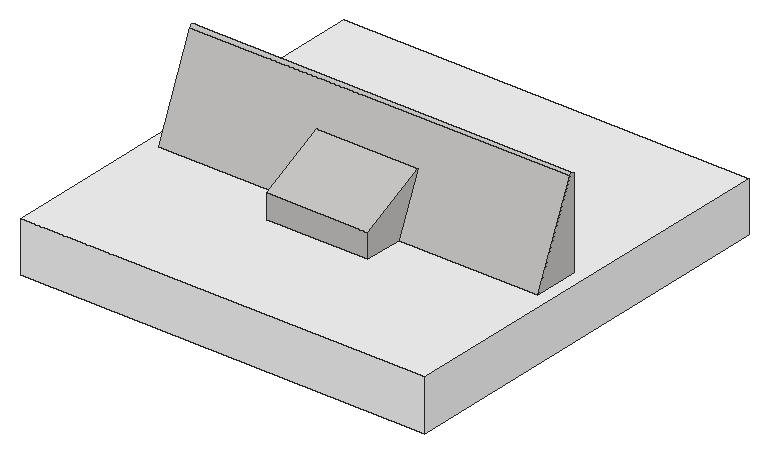
Revit family "WSW390", category Plumbing Fixtures, host Face, Revit 2022
Family settings
  Host = Face
  Round Connector Dimension = Use Diameter
  Part Type = Normal
  OmniClass Number = 23.45.05.14.14
  OmniClass Title = Sinks/Lavatories
  Cut with Voids When Loaded = No
  Maintain Annotation Orientation = No
  Shared = Yes
  Room Calculation Point = No
Parameters (values of type "WSW390-TC1")
  Width = 21 5/8"  # constant formula
  Waste Connection Radius = 3/4"
  Waste Connection Diameter = Waste Connection Radius * 2  # 1 1/2"
  Waste Connection = yes
  WFU = 4  # constant formula
  Vent Connection = no
  URL = "https://acorneng.com/home"
  Type Comments = "WEDGE™ Stainless Steel Trough Sink"  # constant formula
  Sink Inner Width = 15 3/4"  # constant formula
  Sink Inner Length = 87 7/8"  # constant formula
  SW000 - PTC Daisy Strainer, Tailpiece, 1-1/2” P-Trap, Chrome = no
  SW000 - PT Daisy Strainer, Tailpiece, 1-1/2” P-Trap, Plastic = no
  SW000 - F70 S/T Pushbutton Metering Faucet, Plate = no
  SW000 - F60 S/T Sensor Operated Faucet,J Spout, Plate = yes
  SW000 - F51 H&C Wristblade Faucet, Spout = no
  SW000 - F50 H&C Wristblade Faucet, Gooseneck Spout = no
  Product Page URL = "https://www.acorneng.com/product.aspx?ProductId=3664"
  Product Documentation Link = "https://www.acorneng.com/uploads/fileLibrary/WSW000.pdf"
  Price = "Prices may vary. Please consult Manufacturer Representative for most up-to-date price list."  # constant formula
  PS1000 - PS Pump Soap Dispenser, Specify number = no
  Model = "WSW390"  # constant formula
  Manufacturer = "Acorn Engineering"  # constant formula
  Length = 90"  # constant formula
  Installation Type = "Wall Mounted"  # constant formula
  IAPMO Compliance = "Fixture complies with ANSI, UFAS, CBC and ADA 2010 requirements for accessibility."  # constant formula
  Hot Water Connection Radius = 21/32"  # constant formula
  Hot Water Connection Diameter = Hot Water Connection Radius * 2  # 1 5/16"
  Height = 19 3/4"  # constant formula
  HWFU = 3  # constant formula
  HW Connection = yes
  Flow Rate = "0.5 GPM (1.9 LPM) for faucet type"
  EG - Enviro-Glaze, Specify Color = no
  Diameter For Soap Knockout = 1 5/16"  # constant formula
  Description = "Neo-Metro® by Acorn® provides this durable, stainless steel trough sink. It is available in sizes to accommodate from one to four users. The design is perfect for high-traffic restrooms, incorporating ample personal space while reducing wet, slippery floors.\r\n\r\nThe WSW000 Series hand washing station is wall mounted and features a unique “wedge”-shaped trough (patent pending) with a polished stainless steel finish and rounded corners.\r\n\r\nOptional trap enclosures are available to conceal hot and cold mixing valves and supply/waste connections while providing easy maintenance access. The enclosure is fabricated of 16 gauge, type 304 stainless steel with a satin finish. It is available in 24\" (610 mm) or 54\" (1,372 mm) widths.\r\n\r\nWhen mounted at 34\" (864 mm) from the finished floor, the fixture will comply with ANSI, UFAS, CBC, OBC, and ADA requirements. Compliance is subject to the interpretation and requirements of the local code authority."
  Default Elevation = 34"
  DSW000-TC1Accessory: Single 24" Wide Trap Enclosure = yes
  Creation Date = "02/12/2021"  # constant formula
  Cold Water Connection Radius = 21/32"  # constant formula
  Cold Water Connection Diameter = Cold Water Connection Radius * 2  # 1 5/16"
  CWFU = 3  # constant formula
  CW Connection = yes
  Bowl Shape = "Trough"  # constant formula
  Body Material = Metal-Acorn-304-Stainless_Steel-16-Gauge
  Trap Enclosure Width = 24"  # constant formula
  Assembly Code = "D2010440"
  ADA Compliant = yes
Reference planes (in)
  plane 1 "Center (Front/Back)": y = 0
  plane 2: z = 0
  plane 3 "Center (Left/Right)": x = 0
  plane 4: x = 45
  plane 5: x = -45
  plane 6: z = 21.625
  plane 7: x = -43.9375
  plane 8: x = 43.9375
  plane 9: z = 20.0625
  plane 10: z = 4.3125
  plane 11: y = -2.5
  plane 12: y = 1
  plane 13: y = -34
  plane 14: y = -19.75
  plane 15: x = 12
  plane 16: x = -12
  plane 17: z = 6.1875
  plane 18: y = -3.5
  plane 19: z = 2.4375
  plane 20: z = 2.3125
  plane 21: y = 0.1
  plane 22: y = 2
  plane 23: y = -13
  plane 24: y = -8.75
  plane 25: y = -10
  plane 26: x = -9.25
  plane 27: x = -4.25
  plane 28: x = 9
  plane 29: x = 31.9375
  plane 30: x = -30
  plane 31: x = -25
  plane 32: x = -31.9375
  plane 33: x = 43.9375
  plane 34: x = -2
  plane 35: x = 2
  plane 36: x = 5
  plane 37: x = -30
  plane 38: x = -28.0625
  plane 39: x = 30
  plane 40: x = 28.0625
  plane 41: x = 35
Forms (in)
  Extrusion 1, solid, material "White"
    sketch origin (0, 0, 0) x (1, 0, 0) y (0, 1, 0)
      loop
        line (-48, 48) -> (-48, -48) -> (48, -48) -> (48, 48) -> (-48, 48)
    from 0 to -12
  Extrusion 2, solid, material "Metal-Acorn-304-Stainless_Steel-16-Gauge" <- "Body Material"
    sketch origin (15, 27.86079, 0) x (0, -1, 0) y (0, 0, -1)
      loop
        line (27.86079, 0) -> (27.86079, -20.91664)
        arc (27.86079, -20.91664) -> (28.42065, -21.608) -> (29.2133, -21.20413) r 0.7068
        line (29.2133, -21.20413) -> (38.65398, 0) -> (27.86079, 0)
    from -60 to 30
  Extrusion 3, solid, material "Metal-Acorn-304-Stainless_Steel-16-Gauge" <- "Body Material", visible <- "DSW000-TC1Accessory: Single 24" Wide Trap Enclosure"
    sketch origin (45, 27.86079, 0) x (0, -1, 0) y (0, 0, -1)
      loop
        line (47.61079, 0) -> (38.65398, 0) -> (32.92268, -12.87271) -> (47.61079, -5.61198) -> (47.61079, 0)
    from -57 to -33
  Extrusion 4, void
    sketch origin (15, -2.5, 0) x (0, 0, -1) y (1, 0, 0)
      loop
        circle (-6.1875, -15) r 0.75
    from -3.5 to 1
  Extrusion 5, solid
    sketch origin (0, 0, 0) x (1, 0, 0) y (0, 1, 0)
      loop
        circle (0, -8.75) r 0.75
    from 0 to 0.1
  Extrusion 6, solid
    sketch origin (0, 0, 0) x (1, 0, 0) y (0, 1, 0)
      loop
        circle (-4.25, -13) r 0.65625
    from 0 to 0.1
  Extrusion 7, solid
    sketch origin (-13.5, 0, 0) x (-1, 0, 0) y (0, -1, 0)
      loop
        circle (-4.25, 13) r 0.65625
    from 0 to 0.1
  Extrusion 8, void
    sketch origin (-28.0625, 0, 0) x (0, 0, -1) y (1, 0, 0)
      loop
        circle (-2.4375, -3.875) r 0.65625
    from -1 to 2.5
  Extrusion 9, void
    sketch origin (1.9375, 0, 0) x (0, 0, -1) y (1, 0, 0)
      loop
        circle (-2.4375, -30) r 0.65625
    from -1 to 2.5
  Extrusion 10, solid, material "Metal-Acorn-304-Stainless_Steel-16-Gauge"
    sketch origin (-16.25666, 0, 0) x (0, 0, 1) y (1, 0, 0)
      loop
        circle (2.3125, -8.74334) r 0.65625
    from 0 to 0.1
  Extrusion 11, solid, material "Metal-Acorn-304-Stainless_Steel-16-Gauge"
    sketch origin (13.24334, 0, 0) x (0, 0, 1) y (1, 0, 0)
      loop
        circle (2.3125, -8.24334) r 0.65625
    from 0 to 0.1
  Extrusion 12, void
    sketch origin (31.4375, 0, 0) x (0, 0, -1) y (1, 0, 0)
      loop
        circle (-2.4375, -29.4375) r 0.65625
    from -1 to 2.5
  Extrusion 13, void
    sketch origin (-31.4375, 0, 0) x (0, 0, -1) y (1, 0, 0)
      loop
        circle (-2.4375, 29.4375) r 0.65625
    from -1 to 2.5
  Extrusion 14, void
    sketch origin (-45, 27.86079, 0) x (0, -1, 0) y (0, 0, -1)
      loop
        line (26.86079, -4.3125) -> (26.86079, -20.0625) -> (28.55198, -20.0625) -> (29.76775, -8.49524) -> (30.36079, -8.49524) -> (30.36079, -4.3125) -> (26.86079, -4.3125)
    from 1.0625 to 88.9375
  Extrusion 15, void
    sketch origin (29.4375, 0, 0) x (0, 0, -1) y (1, 0, 0)
      loop
        circle (-2.4375, -29.4375) r 0.65625
    from -1 to 2.5
  Extrusion 16, void
    sketch origin (-0.0625, 0, 0) x (0, 0, -1) y (1, 0, 0)
      loop
        circle (-2.4375, -29.9375) r 0.65625
    from -1 to 2.5
  Extrusion 17, void
    sketch origin (28.0625, 0, 0) x (0, 0, -1) y (1, 0, 0)
      loop
        circle (-2.4375, 3.875) r 0.65625
    from -1 to 2.5
  Extrusion 18, void
    sketch origin (-1.9375, 0, 0) x (0, 0, -1) y (1, 0, 0)
      loop
        circle (-2.4375, 30) r 0.65625
    from -1 to 2.5
  Extrusion 19, void
    sketch origin (0.0625, 0, 0) x (0, 0, -1) y (1, 0, 0)
      loop
        circle (-2.4375, 29.9375) r 0.65625
    from -1 to 2.5
  Extrusion 20, solid, material "Metal-Acorn-304-Stainless_Steel-16-Gauge"
    sketch origin (43.74334, 0, 0) x (0, 0, 1) y (1, 0, 0)
      loop
        circle (2.3125, -8.74334) r 0.65625
    from 0 to 0.1
Cuts and joins
  Extrusion 4, Extrusion 8, Extrusion 9, Extrusion 12, Extrusion 13, Extrusion 14, Extrusion 15, Extrusion 16, Extrusion 17, Extrusion 18, Extrusion 19 cuts Extrusion 2
  Extrusion 4 cuts Extrusion 3
Lines and regions (in)
  Masking region 1
    outline origin (15, 0, 0) x (0, 0, 1) y (1, 0, 0)
      loop
        line (21.625, 30) -> (0, 30) -> (0, -60) -> (21.625, -60) -> (21.625, 30)
  symbolic lines, detail levels medium+fine
    curve 1: line (43.9375, 0, 20.0625) -> (43.9375, 0, 4.3125)
    curve 2: line (-43.9375, 0, 20.0625) -> (43.9375, 0, 20.0625)
    curve 3: line (-43.9375, 0, 4.3125) -> (-43.9375, 0, 20.0625)
    curve 4: line (43.9375, 0, 4.3125) -> (-43.9375, 0, 4.3125)
    curve 5: circle (0, 0, 6.1875) r 0.75 normal (0, -1, 0)
    curve 6: circle (2, 0, 2.4375) r 0.65625 normal (0, -1, 0)
    curve 7: circle (-2, 0, 2.4375) r 0.65625 normal (0, -1, 0)
    curve 10: circle (0, 0, 2.4375) r 0.65625 normal (0, -1, 0)
  symbolic lines, detail levels fine
    curve 8: circle (5, 0, 2.3125) r 0.65625 normal (0, 1, 0)
    curve 9: line (-43.9375, 0, 8.49524) -> (43.9375, 0, 8.49524)
    curve 11: circle (35, 0, 2.3125) r 0.65625 normal (0, 1, 0)
    curve 12: circle (31.9375, 0, 2.4375) r 0.65625 normal (0, -1, 0)
    curve 13: circle (30, 0, 2.4375) r 0.65625 normal (0, -1, 0)
    curve 14: circle (28.0625, 0, 2.4375) r 0.65625 normal (0, -1, 0)
    curve 15: circle (-25, 0, 2.3125) r 0.65625 normal (0, 1, 0)
    curve 16: circle (-28.0625, 0, 2.4375) r 0.65625 normal (0, -1, 0)
    curve 17: circle (-30, 0, 2.4375) r 0.65625 normal (0, -1, 0)
    curve 18: circle (-31.9375, 0, 2.4375) r 0.65625 normal (0, -1, 0)
Dimensions and locks (in)
  equal spacing: plane 5, plane 3 "Center (Left/Right)", plane 4
  "Length": plane 5 to plane 4
  "Width": level to plane 6
  plane 6 to plane 2 = 21 5/8"
  equal spacing: plane 7, plane 3 "Center (Left/Right)", plane 8
  "Sink Inner Length": plane 7 to plane 8
  "Sink Inner Width": plane 10 to plane 9
  locked: plane 11 to plane 1 "Center (Front/Back)" at 2.5
  locked: plane 1 "Center (Front/Back)" to plane 12 at 1
  locked: plane 9 to plane 6 at 1.5625
  "Default Elevation": plane 13 to plane 1 "Center (Front/Back)"
  "Height": plane 14 to plane 1 "Center (Front/Back)"
  equal spacing: plane 16, plane 3 "Center (Left/Right)", plane 15
  "Trap Enclosure Width": plane 16 to plane 15
  locked: plane 18 to plane 11 at 1
  locked: plane 19 to plane 10 at 1.875
  locked: plane 20 to plane 10 at 2
  cut or joined group 1 (Extrusion 2, Extrusion 4, Extrusion 8, Extrusion 9, Extrusion 12, Extrusion 13, Extrusion 14, Extrusion 15, Extrusion 16, Extrusion 17, Extrusion 18, Extrusion 19) to plane 21 to plane 12 = 0.1" locked, 0.9"
  plane 1 "Center (Front/Back)" to plane 22 = 2"
  plane 24 to plane 13 = 25 1/4"
  plane 23 to plane 13 = 21"
  plane 25 to plane 13 = 24"
  plane 26 to plane 3 "Center (Left/Right)" = 9 1/4"
  plane 26 to plane 27 = 5"
  plane 3 "Center (Left/Right)" to plane 28 = 9"
  plane 29 to plane 33 = 12"
  plane 7 to plane 32 = 12"
  equal spacing: plane 35, plane 3 "Center (Left/Right)", plane 34, locked at 2 each
  plane 5 to plane 37 = 15"
  plane 3 "Center (Left/Right)" to plane 37 = 30"  (x2)
  plane 19 to cut or joined group 1 = 1 7/8"
  plane 20 to cut or joined group 1 = 2"
  plane 39 to plane 3 "Center (Left/Right)" = 30"
  plane 39 to plane 4 = 15"
  equal spacing: plane 39, plane 3 "Center (Left/Right)", plane 37
  locked: plane 41 to plane 39 at 5
  locked: plane 37 to plane 31 at 5
  locked: plane 36 to plane 3 "Center (Left/Right)" at 5
  cut or joined group 1 to plane 37 = 15"
  "Waste Connection Radius": radius of Extrusion 4 sketch curve
  "Waste Connection Radius": radius of Extrusion 5 sketch curve
  "Cold Water Connection Radius": radius of Extrusion 6 sketch curve
  "Cold Water Connection Radius": radius of Extrusion 7 sketch curve
  "Cold Water Connection Radius": radius of Extrusion 8 sketch curve
  "Hot Water Connection Radius": radius of Extrusion 9 sketch curve
  "Diameter For Soap Knockout": diameter of Extrusion 10 sketch curve
  "Diameter For Soap Knockout": diameter of Extrusion 11 sketch curve
  "Hot Water Connection Radius": radius of Extrusion 12 sketch curve
  "Hot Water Connection Radius": radius of Extrusion 13 sketch curve
  "Hot Water Connection Radius": radius of Extrusion 15 sketch curve
  "Hot Water Connection Radius": radius of Extrusion 16 sketch curve
  "Cold Water Connection Radius": radius of Extrusion 17 sketch curve
  "Hot Water Connection Radius": radius of Extrusion 18 sketch curve
  "Hot Water Connection Radius": radius of Extrusion 19 sketch curve
  "Diameter For Soap Knockout": diameter of Extrusion 20 sketch curve
  radius of curve 16 = 21/32"
  aligned and locked: plane 2 to Extrusion 1
  aligned and locked: level to Extrusion 1
  aligned and locked: plane 5 to Extrusion 2
  aligned and locked: Extrusion 2 to plane 4
  aligned and locked: Extrusion 1 to Extrusion 3 sketch curve
  aligned and locked: plane 14 to Extrusion 3 sketch curve
  aligned and locked: plane 16 to Extrusion 3
  aligned and locked: Extrusion 3 to plane 15
  aligned and locked: plane 17 to Extrusion 4 sketch curve
  aligned and locked: plane 3 "Center (Left/Right)" to Extrusion 4 sketch curve
  aligned and locked: Extrusion 4 to plane 18
  aligned and locked: plane 3 "Center (Left/Right)" to Extrusion 5 sketch curve
  aligned and locked: plane 24 to Extrusion 5 sketch curve
  aligned and locked: plane 27 to Extrusion 6 sketch curve
  aligned and locked: plane 23 to Extrusion 6 sketch curve
  aligned and locked: plane 26 to Extrusion 7 sketch curve
  aligned and locked: plane 23 to Extrusion 7 sketch curve
  aligned and locked: Extrusion 7 to Extrusion 6
  aligned and locked: Extrusion 5 to Extrusion 6
  aligned and locked: plane 19 to Extrusion 9 sketch curve
  aligned and locked: plane 19 to Extrusion 8 sketch curve
  aligned and locked: plane 31 to Extrusion 10 sketch curve
  aligned and locked: plane 20 to Extrusion 10 sketch curve
  aligned and locked: plane 36 to Extrusion 11 sketch curve
  aligned and locked: plane 20 to Extrusion 11 sketch curve
  aligned and locked: plane 35 to Extrusion 12 sketch curve
  aligned and locked: plane 19 to Extrusion 12 sketch curve
  aligned and locked: plane 34 to Extrusion 13 sketch curve
  aligned and locked: plane 19 to Extrusion 13 sketch curve
  aligned and locked: Masking region 1 sketch curve to cut or joined group 1  (x3)
  aligned and locked: curve 5 to cut or joined group 1
  aligned and locked: curve 6 to cut or joined group 1
  aligned and locked: curve 7 to cut or joined group 1
  aligned and locked: curve 8 to Extrusion 11
  aligned and locked: Extrusion 14 sketch curve to plane 10
  aligned and locked: Extrusion 14 sketch curve to plane 11
  aligned and locked: plane 9 to Extrusion 14 sketch curve
  aligned and locked: Extrusion 14 sketch curve to plane 12
  aligned and locked: Extrusion 3 sketch curve to cut or joined group 1
  aligned and locked: Extrusion 14 to plane 8
  aligned and locked: plane 7 to Extrusion 14
  aligned and locked: curve 9 to cut or joined group 1
  aligned and locked: plane 3 "Center (Left/Right)" to Extrusion 15 sketch curve
  aligned and locked: plane 19 to Extrusion 15 sketch curve
  aligned and locked: plane 19 to Extrusion 16 sketch curve
  aligned and locked: plane 38 to Extrusion 9 sketch curve
  aligned and locked: plane 37 to Extrusion 16 sketch curve
  aligned and locked: plane 32 to Extrusion 8 sketch curve
  aligned and locked: Extrusion 18 sketch curve to plane 40
  aligned and locked: plane 29 to Extrusion 17 sketch curve
  aligned and locked: plane 19 to Extrusion 17 sketch curve
  aligned and locked: plane 39 to Extrusion 19 sketch curve
  aligned and locked: plane 19 to Extrusion 19 sketch curve
  aligned and locked: plane 19 to Extrusion 18 sketch curve
  aligned and locked: plane 41 to Extrusion 20 sketch curve
  aligned and locked: curve 11 to Extrusion 20
  aligned and locked: curve 12 to cut or joined group 1
  aligned and locked: curve 13 to cut or joined group 1
  aligned and locked: curve 14 to cut or joined group 1
  aligned and locked: curve 15 to Extrusion 10
  aligned and locked: curve 16 to cut or joined group 1
  aligned and locked: curve 17 to cut or joined group 1
  aligned and locked: curve 18 to cut or joined group 1
Automatic sketch dimensions
  Extrusion 1 sketch curve to Extrusion 1 sketch curve = 96"  (x2)
  Extrusion 2 sketch curve to plane 1 "Center (Front/Back)" = 0"
  Extrusion 2 sketch curve to level = 0"
  plane 1 "Center (Front/Back)" to Extrusion 2 sketch curve = 0.7068"
  Extrusion 2 sketch curve to plane 6 = 0.42087"
  Extrusion 2 sketch curve to Extrusion 2 sketch curve = 0.6457"
  Extrusion 2 sketch curve to plane 25 = 0.79319"
  Extrusion 2 to Masking region 1 sketch curve = 0.70836"
  Extrusion 2 to Extrusion 14 sketch curve = 0.69119"
  Extrusion 14 sketch curve to Extrusion 14 sketch curve = 0.59304"
  Extrusion 14 sketch curve to Extrusion 14 sketch curve = 4.18274"
  curve 10 to curve 6 = 0"
  curve 3 to Masking region 1 = 1 1/16"
  curve 3 to curve 9 = 4.18274"
  curve 2 to Masking region 1 = 1 9/16"
  curve 10 to curve 6 = 2"
  curve 4 to Masking region 1 = 1 1/16"
  Extrusion 3 sketch curve to Extrusion 2 = 5.06189"
  Extrusion 3 sketch curve to Extrusion 3 sketch curve = 5.61198"
  Extrusion 2 to Extrusion 20 sketch curve = 2 5/16"
  radius of curve 10 = 21/32"
Connectors (in)
  piping at (2, 0, 2.4375), diameter 1.3125, driven by "Cold Water Connection Diameter", driven by "CWFU"
    settings: on cut or joined group 1, index 8, connector inside diameter 24", connector length 0", flow factor 0, pipe flow 0 GPM, pressure drop 0.00 psi, fitting loss kfactor 0, connector angle 0.00°, fixture units 3, engagement length 0", angle of deflection 0.00°, flow configuration 3, flow direction 1, fitting loss method 0, system type 20, joint type 0, gender type 0, connector reference index -1, connector utility 0, adjustable connector no, is connector primary yes, connector description "1 1/2\" NPT, CW Inlet Connection 3"
  piping at (-2, 0, 2.4375), diameter 1.3125, driven by "Hot Water Connection Diameter", driven by "HWFU"
    settings: on cut or joined group 1, index 9, connector inside diameter 24", connector length 0", flow factor 0, pipe flow 0 GPM, pressure drop 0.00 psi, fitting loss kfactor 0, connector angle 0.00°, fixture units 3, engagement length 0", angle of deflection 0.00°, flow configuration 3, flow direction 1, fitting loss method 0, system type 19, joint type 0, gender type 0, connector reference index -1, connector utility 0, adjustable connector no, is connector primary no, connector description "1 1/2\" NPT, HW Inlet Connection 3"
  piping at (0, -2.5, 6.1875), diameter 1.5, driven by "WFU", driven by "Waste Connection Diameter"
    settings: on cut or joined group 1, index 10, connector inside diameter 24", connector length 0", flow factor 0, pipe flow 0 GPM, pressure drop 0.00 psi, fitting loss kfactor 0, connector angle 0.00°, fixture units 4, engagement length 0", angle of deflection 0.00°, flow configuration 3, flow direction 2, fitting loss method 0, system type 16, joint type 0, gender type 0, connector reference index -1, connector utility 0, adjustable connector no, is connector primary no, connector description "1 1/2\" Waste Outlet Connection"
  piping at (-28.0625, 0, 2.4375), diameter 1.3125, driven by "Cold Water Connection Diameter", driven by "CWFU"
    settings: on cut or joined group 1, index 11, connector inside diameter 24", connector length 0", flow factor 0, pipe flow 0 GPM, pressure drop 0.00 psi, fitting loss kfactor 0, connector angle 0.00°, fixture units 3, engagement length 0", angle of deflection 0.00°, flow configuration 3, flow direction 1, fitting loss method 0, system type 20, joint type 0, gender type 0, connector reference index -1, connector utility 0, adjustable connector no, is connector primary no, connector description "1 1/2\" NPT, CW Inlet Connection 2"
  piping at (-31.9375, 0, 2.4375), diameter 1.3125, driven by "Hot Water Connection Diameter", driven by "HWFU"
    settings: on cut or joined group 1, index 12, connector inside diameter 24", connector length 0", flow factor 0, pipe flow 0 GPM, pressure drop 0.00 psi, fitting loss kfactor 0, connector angle 0.00°, fixture units 3, engagement length 0", angle of deflection 0.00°, flow configuration 3, flow direction 1, fitting loss method 0, system type 19, joint type 0, gender type 0, connector reference index -1, connector utility 0, adjustable connector no, is connector primary no, connector description "1 1/2\" NPT, HW Inlet Connection 2"
  piping at (31.9375, 0, 2.4375), diameter 1.3125, driven by "Cold Water Connection Diameter", driven by "CWFU"
    settings: on cut or joined group 1, index 13, connector inside diameter 24", connector length 0", flow factor 0, pipe flow 0 GPM, pressure drop 0.00 psi, fitting loss kfactor 0, connector angle 0.00°, fixture units 3, engagement length 0", angle of deflection 0.00°, flow configuration 3, flow direction 1, fitting loss method 0, system type 20, joint type 0, gender type 0, connector reference index -1, connector utility 0, adjustable connector no, is connector primary no, connector description "1 1/2\" NPT, CW Inlet Connection 1"
  piping at (28.0625, 0, 2.4375), diameter 1.3125, driven by "Hot Water Connection Diameter", driven by "HWFU"
    settings: on cut or joined group 1, index 14, connector inside diameter 24", connector length 0", flow factor 0, pipe flow 0 GPM, pressure drop 0.00 psi, fitting loss kfactor 0, connector angle 0.00°, fixture units 3, engagement length 0", angle of deflection 0.00°, flow configuration 3, flow direction 1, fitting loss method 0, system type 19, joint type 0, gender type 0, connector reference index -1, connector utility 0, adjustable connector no, is connector primary no, connector description "1 1/2\" NPT, HW Inlet Connection 1"
